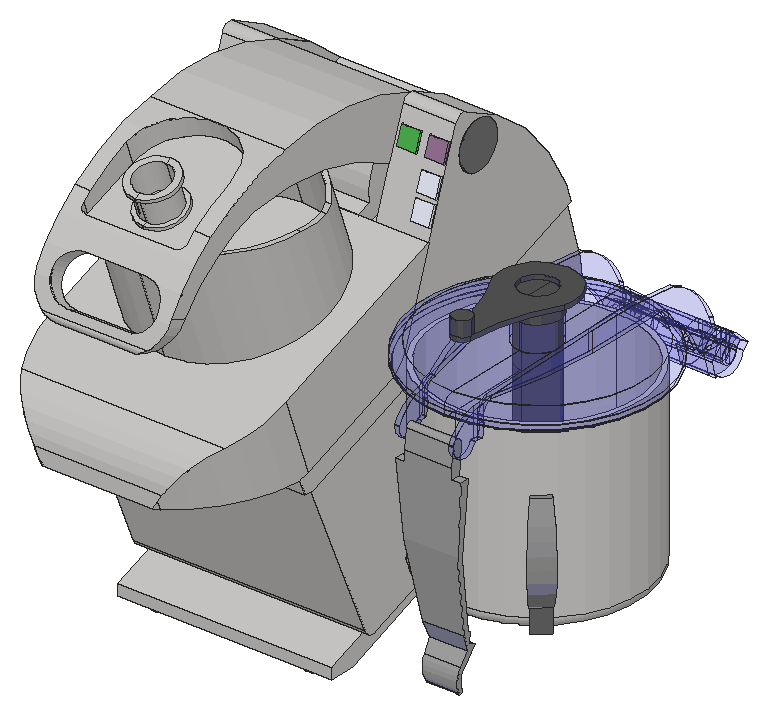
Revit family "QF_ELECTROLUXPROFESSIONAL_600481_TRK45Y", category Specialty Equipment, Revit 2018
Family settings
  Round Connector Dimension = Use Diameter
  Part Type = Normal
  Work Plane-Based = No
  Always vertical = Yes
  Cut with Voids When Loaded = No
  Shared = No
  Room Calculation Point = No
Parameters (values of type "QF_ELECTROLUX_600481_TRK45Y")
  Weight = 27.40 kg
  Watts = 0 W
  Volts = 200 V
  URL Manufacturer = "http://professional.electrolux.com"
  URL = "http://professional.electrolux.com"
  Steam Supply Size = 0 mm
  Steam Supply Minimum Pressure = 0.0 Pa
  Steam Supply Maximum Pressure = 0.0 Pa
  Steam Pounds per Hour = 0
  Refrigeration Suction Line Size = 0 mm
  Refrigeration Liquid Line Size = 0 mm
  Refrigerant Compressor Remote = yes
  Manufacturer = "Electrolux"
  Phase = 1
  Model = "TRK45Y"
  Length Actual = 252 mm  # constant formula
  Item Number = "600481"
  Hot Water Size = 0 mm
  Height Actual = 505 mm  # constant formula
  HP = "1.3 HP"
  Gas Size = 0 mm
  Gas KW = 0
  Gas Input Pressure = 0 W
  Direct Waste Size = 0 mm
  Description = "CUTTER/SLICER 4.5L VARIAB.SPEED-1000W-200-240/1/50-60"
  Depth Actual = 485 mm  # constant formula
  Cycle = 60 Hz
  Condensate Return Size = 0 mm
  Compressed Air Volume = 0.0 L/s
  Compressed Air Size = 0 mm
  Compressed Air Pressure = 0.0 Pa
  Cold Water Size = 0 mm
  Accessory = yes
Reference planes
  plane 1 "Center (Front/Back)": y = 0
  plane 2: z = 0
  plane 3 "Center (Left/Right)": x = 0
  plane 4 "BASE": through (-1506.947, -1354.442, -482.669) normal (0, -0.342, 0.9397)
  plane 5 "TOP": z = 725
  plane 6 "FRONT": y = -250
  plane 7 "BACK": y = 250
  plane 8 "LEFT": x = -126
  plane 9 "RIGHT": x = 126
  plane 10 "BaseSup": through (4267.2, -355.454, 143.983) normal (0, -0.342, 0.9397)
  plane 11 "TopCylinder": z = 505
  plane 12 "panel": through (4267.2, 37.396, 376.789) normal (0, -0.9397, 0.342)
  plane 13 "TAN1": through (4267.2, -242.8, 386.84) normal (0, -0.868, 0.4965)
  plane 14 "cx": x = -4.392
  plane 15: z = 490
  plane 16: z = 685
  plane 17 "EI_1": z = 320
  plane 18: z = 224
  plane 19 "SupportOblique": through (4267.2, 163.975, 96.815) normal (0, 0.809, 0.5878)
  plane 20 "CX2": x = 350
Forms (mm)
  Extrusion 1, solid, material "QF_Finishes_Stainless Steel"
    sketch origin (0, 71.755, 29.173) x (0, 0.939693, 0.34202) y (0, -0.34202, 0.939693)
      loop
        line (196.964, 40) -> (-146.726, 40) -> (-150.519, 29.578) -> (-124.204, 20) -> (196.964, 20) -> (196.964, 40)
    from -114.1 to 114.1
  Extrusion 2, solid, material "QF_Finishes_Stainless Steel"
    sketch origin (0, 71.755, 29.173) x (0, 0.939693, 0.34202) y (0, -0.34202, 0.939693)
      loop
        arc (-117.754, 231.836) -> (-115.679, 141.222) -> (-107.501, 50.953) r 1344.145
        arc (-107.501, 50.953) -> (-103.371, 43.13) -> (-95.098, 40) r 12.5
        line (-95.098, 40) -> (191.415, 40)
        arc (191.415, 40) -> (200.799, 44.052) -> (207.001, 52.177) r 20.212
        arc (207.001, 52.177) -> (236.663, 139.796) -> (245.906, 231.836) r 409.593
        line (245.906, 231.836) -> (-117.754, 231.836)
    from -123.6 to 123.2
  Extrusion 3, solid, material "QF_Finishes_Stainless Steel"
    sketch origin (0, 71.755, 29.173) x (0, 0.939693, 0.34202) y (0, -0.34202, 0.939693)
      loop
        line (-117.754, 231.836) -> (250, 231.836) -> (250, 254)
        arc (250, 254) -> (225.127, 344.7) -> (167.861, 419.303) r 244.524
        arc (167.861, 419.303) -> (160.498, 421.774) -> (153.587, 418.23) r 10
        line (153.587, 418.23) -> (25.432, 265.5)
        arc (25.432, 265.5) -> (14.376, 257.016) -> (0.77, 254) r 32.194
        line (0.77, 254) -> (-128.224, 254) -> (-128.224, 236.946) -> (-117.754, 231.836)
    from -125 to 125
  Extrusion 4, void
    sketch origin (0, 71.755, 29.173) x (0, 0.939693, 0.34202) y (0, -0.34202, 0.939693)
      loop
        line (146.605, 338.403) -> (228.145, 338.403)
        arc (228.145, 338.403) -> (202.221, 381.996) -> (167.861, 419.303) r 244.524
        arc (167.861, 419.303) -> (160.498, 421.774) -> (153.587, 418.23) r 10
        line (153.587, 418.23) -> (72.34, 321.403) -> (146.605, 321.403) -> (146.605, 338.403)
    from -76.755 to 68.071
  Extrusion 5, solid, material "QF_Finishes_Stainless Steel"
    sketch origin (0, 71.755, 29.173) x (0, 0.939693, 0.34202) y (0, -0.34202, 0.939693)
      loop
        line (86.605, 338.403) -> (69.605, 321.403) -> (146.605, 321.403) -> (146.605, 338.403) -> (138.179, 338.403) -> (138.179, 369.367)
        arc (138.179, 369.367) -> (147.784, 373.474) -> (158.149, 372.174) r 19.987
        arc (158.149, 372.174) -> (156.791, 382.001) -> (162.888, 389.826) r 12.748
        arc (162.888, 389.826) -> (123.302, 374.774) -> (101.605, 338.403) r 64.447
        line (101.605, 338.403) -> (86.605, 338.403)
    from -65 to 50
  Extrusion 6, solid, material "QF_Finishes_Stainless Steel"
    sketch origin (539, 71.755, 29.173) x (0, -0.939693, -0.34202) y (0, -0.34202, 0.939693)
      loop
        circle (-169.102, 378.696) r 12.748
    from 489 to 604
  Extrusion 7, solid, material "QF_Finishes_Rubber Black"
    sketch origin (0, 71.755, 29.173) x (0, 0.939693, 0.34202) y (0, -0.34202, 0.939693)
      loop
        circle (169.102, 378.696) r 25
    from 125 to 126.6
  Extrusion 8, solid, material "QF_Finishes_Green"
    sketch origin (-10, -113.728, -38.42) x (0, -0.34202, -0.939693) y (1, 0, 0)
      loop
        line (-529.862, 82.865) -> (-509.862, 82.865) -> (-509.862, 102.865) -> (-529.862, 102.865) -> (-529.862, 82.865)
    from 0 to 1.6
  Extrusion 9, solid, material "QF_Finishes_Red"
    sketch origin (20, -113.728, -38.42) x (0, -0.34202, -0.939693) y (1, 0, 0)
      loop
        line (-529.862, 82.865) -> (-509.862, 82.865) -> (-509.862, 102.865) -> (-529.862, 102.865) -> (-529.862, 82.865)
    from 0 to 1.6
  Extrusion 10, solid, material "QF_Finishes_White"
    sketch origin (19.976, -149.421, -75.636) x (0, -0.34202, -0.939693) y (1, 0, 0)
      loop
        line (-521.192, 82.865) -> (-501.192, 82.865) -> (-501.192, 102.865) -> (-521.192, 102.865) -> (-521.192, 82.865)
    from 0 to 1.6
  Extrusion 11, solid, material "QF_Finishes_Rubber Black"
    sketch origin (-20, -293.925, 99.376) x (0, -1, 0) y (1, 0, 0)
      loop
        circle (-230.144, 103.748) r 10
      loop
        circle (-230.144, -61.252) r 10
    from 9.274 to 3.787
  Extrusion 12, void
    sketch origin (-20.94, 306.731, 139.428) x (-1, 0, 0) y (0, -0.34202, 0.939693)
      loop
        circle (-20.94, 196.093) r 10
    from -1.916 to -26.433
  Extrusion 13, solid, material "QF_Finishes_Stainless Steel"
    sketch origin (-20.94, 306.678, 139.573) x (-1, 0, 0) y (0, -0.34202, 0.939693)
      loop
        circle (-20.94, 195.939) r 9.999
    from -8.514 to -26.433
  Extrusion 14, solid, material "QF_Finishes_Stainless Steel"
    sketch origin (0, -15.119, 267.855) x (0, -0.939693, -0.34202) y (1, 0, 0)
      loop
        line (-86.605, -125) -> (117.754, -125)
        arc (117.754, -125) -> (182.577, -108.838) -> (232.224, -64.135) r 138.076
        arc (232.224, -64.135) -> (246.337, -33.516) -> (250, 0) r 104.824
        arc (250, 0) -> (246.337, 33.516) -> (232.224, 64.135) r 104.824
        arc (232.224, 64.135) -> (182.577, 108.838) -> (117.754, 125) r 138.076
        line (117.754, 125) -> (-86.605, 125) -> (-86.605, -125)
    from 0 to 84.403
  Extrusion 15, void
    sketch origin (0, 71.755, 29.173) x (0, 0.939693, 0.34202) y (0, -0.34202, 0.939693)
      loop
        line (-183.149, 338.403) -> (-263.395, 338.403) -> (-263.395, 254) -> (-128.224, 254) -> (-235.716, 293.124) -> (-229.509, 307.133)
        arc (-229.509, 307.133) -> (-211.109, 329.855) -> (-183.149, 338.403) r 50
      loop
        line (86.605, 338.403) -> (25.432, 265.5)
        arc (25.432, 265.5) -> (14.376, 257.016) -> (0.77, 254) r 32.194
        line (0.77, 254) -> (86.605, 254) -> (86.605, 338.403)
    from -156.555 to 144.79
  Extrusion 16, solid, material "QF_Finishes_Rubber Black"
    sketch origin (-20, -255.757, 37.007) x (0, -0.939693, -0.34202) y (1, 0, 0)
      loop
        circle (-230.144, 103.748) r 10
      loop
        circle (-230.144, -61.252) r 10
    from -1.968 to 3.787
  Extrusion 17, solid, material "QF_Finishes_Stainless Steel"
    sketch origin (0, 0, 0) x (0, 1, 0) y (0, 0, 1)
      loop
        arc (-237.987, 360.286) -> (-193.334, 422.101) -> (-125.907, 457.716) r 167.502
        arc (-125.907, 457.716) -> (-32.614, 457.202) -> (54.785, 424.565) r 266.494
        line (54.785, 424.565) -> (73.036, 474.711)
        arc (73.036, 474.711) -> (77.269, 479.853) -> (83.792, 481.198) r 10
        arc (83.792, 481.198) -> (1.801, 503.572) -> (-83.051, 498.734) r 263.981
        arc (-83.051, 498.734) -> (-135.605, 484.534) -> (-183.511, 458.675) r 236.13
        arc (-183.511, 458.675) -> (-222.818, 420.732) -> (-248.457, 372.49) r 174.407
        arc (-248.457, 372.49) -> (-249.83, 368.135) -> (-247.05, 364.513) r 4.945
        line (-247.05, 364.513) -> (-237.987, 360.286)
    from -76.755 to 68.071
  Extrusion 18, void
    sketch origin (0, -252.846, 369.279) x (0, -0.496521, -0.868025) y (1, 0, 0)
      loop
        line (-13.723, -36.755) -> (-13.723, 28.071)
        arc (-13.723, 28.071) -> (-38.723, 53.071) -> (-63.723, 28.071) r 25
        line (-63.723, 28.071) -> (-63.723, -36.755)
        arc (-63.723, -36.755) -> (-38.723, -61.755) -> (-13.723, -36.755) r 25
    from -148.493 to 7.125
  Extrusion 19, void
    sketch origin (0, -88.076, 32.057) x (0, -0.34202, -0.939693) y (1, 0, 0)
      loop
        line (-257.162, 68.071) -> (-297.162, 68.071)
        arc (-297.162, 68.071) -> (-268.878, 56.356) -> (-257.162, 28.071) r 40
        line (-257.162, 28.071) -> (-257.162, 68.071)
      loop
        line (-257.162, -76.755) -> (-257.162, -36.755)
        arc (-257.162, -36.755) -> (-268.878, -65.039) -> (-297.162, -76.755) r 40
        line (-297.162, -76.755) -> (-257.162, -76.755)
    from 233.374 to 280.473
  Extrusion 20, void
    sketch origin (0, -73.76, 246.511) x (0, -0.939693, -0.34202) y (1, 0, 0)
      loop
        spline (50.415, 43.499) -> (50.302, 44.538) -> (50.07, 45.551) -> (49.722, 46.523) -> (49.265, 47.436) -> (48.705, 48.278) -> (48.053, 49.034) -> (47.317, 49.692) -> (46.511, 50.241) -> (45.647, 50.674) -> (44.738, 50.981) -> (43.801, 51.16) -> (42.848, 51.221)
        line (42.848, 51.221) -> (-21.826, 51.221)
        arc (-21.826, 51.221) -> (-77.476, -4.429) -> (-21.826, -60.078) r 55.65
        line (-21.826, -60.078) -> (42.849, -60.064)
        spline (42.849, -60.064) -> (43.796, -60.017) -> (44.73, -59.836) -> (45.637, -59.525) -> (46.5, -59.088) -> (47.306, -58.532) -> (48.042, -57.867) -> (48.695, -57.103) -> (49.256, -56.253) -> (49.715, -55.331) -> (50.065, -54.351) -> (50.3, -53.329) -> (50.415, -52.283)
        line (50.415, -52.283) -> (50.415, 43.499)
    from 219.928 to 259.975
  Extrusion 21, void
    sketch origin (0, -87.856, 241.381) x (0, -0.939693, -0.34202) y (1, 0, 0)
      loop
        circle (-4.976, -4.429) r 22.5
    from 184.171 to 259.975
  Extrusion 22, solid, material "QF_Finishes_Stainless Steel"
    sketch origin (0, -57.13, 252.564) x (0, -0.939693, -0.34202) y (1, 0, 0)
      loop
        circle (-27.476, -4.429) r 100
      loop
        circle (-27.476, -4.429) r 95
    from 84.403 to 219.928
  Extrusion 23, void
    sketch origin (539, 0, 0) x (0, -1, 0) y (0, 0, 1)
      loop
        line (-7.229, 448.453) -> (38.883, 431.669) -> (53.883, 431.669) -> (97.232, 435.738) -> (172.232, 435.738) -> (200.5, 434.424) -> (12.562, 502.828) -> (-7.229, 448.453)
    from 424.9 to 664
  Revolve 24, solid, material "QF_Finishes_Stainless Steel"
    sketch origin (-4.392, 0, 0) x (0, 1, 0) y (0, 0, 1)
      loop
        line (-159.523, 452.833) -> (-177.266, 446.376) -> (-188.766, 477.973) -> (-195.199, 475.631) -> (-193.959, 472.225) -> (-189.261, 473.935) -> (-179, 445.744) -> (-183.698, 444.034) -> (-182.575, 440.948) -> (-179.543, 442.052) -> (-133.191, 314.7) -> (-112.048, 322.396) -> (-159.523, 452.833)
      axis (-112.048, 322.396) -> (-171.023, 484.431)
    angle from 0 to 360
  Extrusion 25, solid, material "QF_Door-Drawer Clearances", detail levels coarse
    sketch origin (0, -262.072, 735.095) x (0, -0.581279, -0.813704) y (0, 0.813704, -0.581279)
      loop
        arc (-237.987, 360.286) -> (-193.334, 422.101) -> (-125.907, 457.716) r 167.502
        arc (-125.907, 457.716) -> (-61.925, 460.915) -> (0.971, 448.753) r 266.494
        arc (0.971, 448.753) -> (-2.208, 475.472) -> (-2.432, 502.379) r 244.524
        arc (-2.432, 502.379) -> (-31.549, 503.211) -> (-60.594, 500.999) r 278.64
        arc (-60.594, 500.999) -> (-125.023, 488.463) -> (-183.511, 458.675) r 236.13
        arc (-183.511, 458.675) -> (-222.818, 420.732) -> (-248.457, 372.49) r 174.407
        arc (-248.457, 372.49) -> (-249.83, 368.135) -> (-247.05, 364.513) r 4.945
        line (-247.05, 364.513) -> (-237.987, 360.286)
    from -76.755 to 68.071
  Extrusion 26, solid, material "QF_Door-Drawer Clearances", detail levels coarse
    sketch origin (-4.392, 0, -55) x (0, 1, 0) y (0, 0, 1)
      loop
        arc (180.062, 780.324) -> (-149.234, 694.151) -> (-249.905, 368.994) r 350.321
        line (-249.905, 368.994) -> (-246.546, 377.767)
        arc (-246.546, 377.767) -> (-144.345, 691.9) -> (174.993, 776.44) r 345.321
        line (174.993, 776.44) -> (180.062, 780.324)
    from -60 to 60
  Extrusion 27, solid, material "QF_Finishes_Rubber Black"
    sketch origin (-20, -20.834, 122.512) x (0, -0.939693, -0.34202) y (1, 0, 0)
      loop
        circle (-230.144, 103.748) r 10
      loop
        circle (-230.144, -61.252) r 10
    from -1.968 to 3.787
  Extrusion 28, void
    sketch origin (-4.392, 0, 0) x (0, 1, 0) y (0, 0, 1)
      loop
        circle (163.975, 96.815) r 5.399
    from -121.608 to 130.392
  Sweep 29, solid, material "QF_Finishes_Stainless Steel"
    path origin (0, 153.361, 111.423) x (0, -0.587785, 0.809017) y (1, 0, 0)
      loop
        line (-133.401, 56) -> (-133.401, 112.5)
        arc (-133.401, 112.5) -> (-130.472, 119.571) -> (-123.401, 122.5) r 10
        line (-123.401, 122.5) -> (-28.058, 122.5)
        arc (-28.058, 122.5) -> (-20.987, 119.571) -> (-18.058, 112.5) r 10
        line (-18.058, 112.5) -> (-18.058, -112.5)
        arc (-18.058, -112.5) -> (-20.987, -119.571) -> (-28.058, -122.5) r 10
        line (-28.058, -122.5) -> (-123.401, -122.5)
        arc (-123.401, -122.5) -> (-130.472, -119.571) -> (-133.401, -112.5) r 10
        line (-133.401, -112.5) -> (-133.401, -56)
    profile origin (84.25, 231.772, 3.5) x (0, 0.587785, -0.809017) y (0, 0.809017, 0.587785)
      loop
        circle (0, 0) r 3.5
  Extrusion 30, void
    sketch origin (-4.392, 0, 0) x (0, 1, 0) y (0, 0, 1)
      loop
        line (50.281, 42.641) -> (71.708, 50.44) -> (64.376, 57.771) -> (50.281, 52.641) -> (50.281, 42.641)
    from -119.208 to -51.608
  Extrusion 31, void
    sketch origin (4.392, 0, 0) x (0, 1, 0) y (0, 0, -1)
      loop
        line (50.281, -42.641) -> (50.281, -52.641) -> (64.376, -57.771) -> (71.708, -50.44) -> (50.281, -42.641)
    from -119.208 to -51.608
  Extrusion 32, solid, material "QF_Door-Drawer Clearances", detail levels coarse
    sketch origin (350, -160.4, -17.118) x (0, -0.34202, -0.939693) y (0, -0.939693, 0.34202)
      loop
        line (-206.754, 118.191) -> (-331.133, -223.538)
        arc (-331.133, -223.538) -> (-241.482, -246.331) -> (-149.003, -248.426) r 409.593
        arc (-149.003, -248.426) -> (-139.246, -245.378) -> (-132.229, -237.945) r 20.212
        line (-132.229, -237.945) -> (-34.236, 31.289)
        arc (-34.236, 31.289) -> (-34.347, 40.134) -> (-40.286, 46.691) r 12.5
        arc (-40.286, 46.691) -> (-122.314, 85.249) -> (-206.754, 118.191) r 1344.145
    from -123.6 to 123.2
  Extrusion 33, solid, material "QF_Door-Drawer Clearances", detail levels coarse
    sketch origin (350, -160.4, -17.118) x (0, -0.34202, -0.939693) y (0, -0.939693, 0.34202)
      loop
        line (-134.127, -243.16) -> (-115.333, -250) -> (-5.487, 51.799) -> (-5.487, 79.803) -> (-16.578, 79.803) -> (-134.127, -243.16)
    from -114.1 to 114.1
  Extrusion 34, solid, material "QF_Door-Drawer Clearances", detail levels coarse
    sketch origin (330, -388.076, 105.131) x (0, -1, 0) y (1, 0, 0)
      loop
        circle (-230.144, 103.748) r 10
      loop
        circle (-230.144, -61.252) r 10
    from -1.968 to 3.787
  Extrusion 35, solid, material "QF_Door-Drawer Clearances", detail levels coarse
    sketch origin (330, -138.076, 105.131) x (0, -1, 0) y (1, 0, 0)
      loop
        circle (-230.144, 103.748) r 10
      loop
        circle (-230.144, -61.252) r 10
    from -1.968 to 3.787
  Extrusion 36, solid, material "QF_Door-Drawer Clearances", detail levels coarse
    sketch origin (0, 250, 0) x (-1, 0, 0) y (0, 0, 1)
      loop
        circle (-350, 200) r 10
    from -89.12 to -78.665
  Extrusion 37, solid, material "QF_Finishes_White"
    sketch origin (19.976, -140.87, -52.143) x (0, -0.34202, -0.939693) y (1, 0, 0)
      loop
        line (-521.192, 82.865) -> (-501.192, 82.865) -> (-501.192, 102.865) -> (-521.192, 102.865) -> (-521.192, 82.865)
    from 0 to 1.6
Cuts and joins
  Extrusion 4, Extrusion 19, Extrusion 20, Extrusion 21 cuts Extrusion 3
  Extrusion 15, Extrusion 19, Extrusion 20, Extrusion 21 cuts Extrusion 14
  Extrusion 18, Extrusion 19, Extrusion 20, Extrusion 21 cuts Extrusion 17
  Extrusion 12, Extrusion 20, Extrusion 21 cuts Extrusion 2
  Extrusion 23 cuts Extrusion 22
  Extrusion 28, Extrusion 30, Extrusion 31 cuts Extrusion 1
Lines and regions (mm)
  symbolic lines
    curve 1: line (-76.755, 170.4, 0) -> (-76.755, -235.217, 0)
    curve 2: line (68.071, -235.135, 0) -> (68.071, 170.4, 0)
    curve 3: line (-76.755, 83.792, 0) -> (68.071, 83.792, 0)
    curve 4: line (-76.755, 170.4, 0) -> (68.071, 170.4, 0)
    curve 5: line (68.071, -83.051, 0) -> (-76.755, -83.051, 0)
    curve 6: line (-60.078, -136.967, 0) -> (51.221, -136.967, 0)
    curve 7: line (-60.078, -128.47, 0) -> (-60.078, -194.06, 0)
    curve 8: line (51.221, -193.76, 0) -> (51.221, -128.47, 0)
    curve 9: spline (-52.282, -199.891, 0) -> (-53.276, -199.815, 0) -> (-54.25, -199.647, 0) -> (-55.19, -199.39, 0) -> (-56.081, -199.046, 0) -> (-56.909, -198.622, 0) -> (-57.663, -198.124, 0) -> (-58.331, -197.559, 0) -> (-58.902, -196.936, 0) -> (-59.369, -196.264, 0) -> (-59.724, -195.553, 0) -> (-59.961, -194.815, 0) -> (-60.078, -194.06, 0)
    curve 10: line (43.499, -199.901, 0) -> (-52.283, -199.901, 0)
    curve 11: spline (51.218, -193.76, 0) -> (51.156, -194.554, 0) -> (50.964, -195.333, 0) -> (50.645, -196.085, 0) -> (50.204, -196.798, 0) -> (49.648, -197.459, 0) -> (48.986, -198.058, 0) -> (48.229, -198.586, 0) -> (47.39, -199.033, 0) -> (46.483, -199.392, 0) -> (45.521, -199.658, 0) -> (44.521, -199.826, 0) -> (43.499, -199.893, 0)
    curve 12: spline (-4.392, -146.848, 0) -> (-11.05, -147.672, 0) -> (-17.255, -150.087, 0) -> (-22.583, -153.929, 0) -> (-26.672, -158.936, 0) -> (-29.242, -164.766, 0) -> (-30.119, -171.023, 0) -> (-29.242, -177.28, 0) -> (-26.672, -183.111, 0) -> (-22.583, -188.118, 0) -> (-17.255, -191.96, 0) -> (-11.05, -194.375, 0) -> (-4.392, -195.199, 0)
    curve 13: spline (-4.392, -195.199, 0) -> (2.267, -194.375, 0) -> (8.472, -191.96, 0) -> (13.8, -188.118, 0) -> (17.888, -183.111, 0) -> (20.459, -177.28, 0) -> (21.335, -171.023, 0) -> (20.459, -164.766, 0) -> (17.888, -158.936, 0) -> (13.8, -153.929, 0) -> (8.472, -150.087, 0) -> (2.267, -147.672, 0) -> (-4.392, -146.848, 0)
    curve 14: spline (-4.392, -188.766, 0) -> (-9.279, -188.162, 0) -> (-13.832, -186.389, 0) -> (-17.743, -183.569, 0) -> (-20.744, -179.895, 0) -> (-22.63, -175.616, 0) -> (-23.273, -171.023, 0) -> (-22.63, -166.431, 0) -> (-20.744, -162.152, 0) -> (-17.743, -158.477, 0) -> (-13.832, -155.658, 0) -> (-9.279, -153.885, 0) -> (-4.392, -153.281, 0)
    curve 15: spline (-4.392, -153.281, 0) -> (0.495, -153.885, 0) -> (5.049, -155.658, 0) -> (8.96, -158.477, 0) -> (11.96, -162.152, 0) -> (13.846, -166.431, 0) -> (14.49, -171.023, 0) -> (13.846, -175.616, 0) -> (11.96, -179.895, 0) -> (8.96, -183.569, 0) -> (5.049, -186.389, 0) -> (0.495, -188.162, 0) -> (-4.392, -188.766, 0)
    curve 16: spline (-22.254, -165.273, 0) -> (-20.617, -168.597, 0) -> (-18.289, -171.534, 0) -> (-15.368, -173.96, 0) -> (-11.98, -175.77, 0) -> (-8.268, -176.888, 0) -> (-4.392, -177.266, 0) -> (-0.515, -176.888, 0) -> (3.197, -175.77, 0) -> (6.585, -173.96, 0) -> (9.505, -171.534, 0) -> (11.834, -168.597, 0) -> (13.471, -165.273, 0)
    curve 17: spline (21.106, -162.743, 0) -> (21.02, -155.749, 0) -> (18.807, -149.071, 0) -> (14.651, -143.268, 0) -> (8.902, -138.825, 0) -> (2.04, -136.115, 0) -> (-5.361, -135.365, 0) -> (-12.68, -136.637, 0) -> (-19.306, -139.824, 0) -> (-24.683, -144.661, 0) -> (-28.361, -150.742, 0) -> (-30.034, -157.558, 0) -> (-29.559, -164.538, 0)
    curve 18: spline (15.591, -154.349, 0) -> (13.851, -150.277, 0) -> (11.185, -146.674, 0) -> (7.729, -143.723, 0) -> (3.657, -141.574, 0) -> (-0.824, -140.337, 0) -> (-5.485, -140.073, 0) -> (-10.091, -140.797, 0) -> (-14.408, -142.471, 0) -> (-18.216, -145.011, 0) -> (-21.322, -148.287, 0) -> (-23.569, -152.134, 0) -> (-24.843, -156.356, 0)
    curve 19: line (-36.755, -245.358, 0) -> (-36.755, -220.255, 0)
    curve 20: line (28.071, -220.255, 0) -> (28.071, -245.358, 0)
    curve 21: line (-36.755, -220.255, 0) -> (28.071, -220.255, 0)
    curve 22: line (-36.755, -231.961, 0) -> (28.071, -231.961, 0)
    curve 23: line (28.071, -245.358, 0) -> (-36.755, -245.358, 0)
    curve 24: arc (-36.755, -231.961, 0) -> (-47.346, -230.66, 0) -> (-57.309, -226.836, 0) r 43.78
    curve 25: arc (28.071, -231.961, 0) -> (38.611, -230.648, 0) -> (48.525, -226.836, 0) r 43.78
    curve 26: line (108.532, -216.09, 0) -> (68.016, -248.959, 0)
    curve 27: spline (108.532, -216.09, 0) -> (111.117, -211.341, 0) -> (113.492, -206.496, 0) -> (115.654, -201.564, 0) -> (117.598, -196.552, 0) -> (119.32, -191.469, 0) -> (120.82, -186.324, 0) -> (122.092, -181.125, 0) -> (123.137, -175.882, 0) -> (123.951, -170.603, 0) -> (124.533, -165.296, 0) -> (124.883, -159.972, 0) -> (125, -154.639, 0)
    curve 28: line (125, -154.639, 0) -> (125, 227.385, 0)
    curve 29: spline (63.971, -249.433, 0) -> (63.542, -249.481, 0) -> (63.11, -249.529, 0) -> (62.674, -249.577, 0) -> (62.235, -249.624, 0) -> (61.792, -249.672, 0) -> (61.346, -249.719, 0) -> (60.896, -249.766, 0) -> (60.442, -249.813, 0) -> (59.985, -249.86, 0) -> (59.525, -249.907, 0) -> (59.06, -249.954, 0) -> (58.593, -250, 0)
    curve 30: spline (68.016, -248.959, 0) -> (67.688, -248.999, 0) -> (67.358, -249.038, 0) -> (67.026, -249.078, 0) -> (66.693, -249.118, 0) -> (66.359, -249.157, 0) -> (66.022, -249.197, 0) -> (65.684, -249.236, 0) -> (65.345, -249.276, 0) -> (65.004, -249.315, 0) -> (64.661, -249.354, 0) -> (64.317, -249.394, 0) -> (63.971, -249.433, 0)
    curve 31: line (-68.016, -248.959, 0) -> (68.016, -248.959, 0)
    curve 32: line (-68.016, -248.959, 0) -> (-108.532, -216.09, 0)
    curve 33: spline (-63.971, -249.433, 0) -> (-64.317, -249.394, 0) -> (-64.661, -249.354, 0) -> (-65.004, -249.315, 0) -> (-65.345, -249.276, 0) -> (-65.684, -249.236, 0) -> (-66.022, -249.197, 0) -> (-66.359, -249.157, 0) -> (-66.693, -249.118, 0) -> (-67.026, -249.078, 0) -> (-67.358, -249.038, 0) -> (-67.688, -248.999, 0) -> (-68.016, -248.959, 0)
    curve 34: spline (-58.593, -250, 0) -> (-59.06, -249.954, 0) -> (-59.525, -249.907, 0) -> (-59.985, -249.86, 0) -> (-60.442, -249.813, 0) -> (-60.896, -249.766, 0) -> (-61.346, -249.719, 0) -> (-61.792, -249.672, 0) -> (-62.235, -249.624, 0) -> (-62.674, -249.577, 0) -> (-63.11, -249.529, 0) -> (-63.542, -249.481, 0) -> (-63.971, -249.433, 0)
    curve 35: line (-76.755, -235.217, 0) -> (-60.604, -248.457, 0)
    curve 36: spline (-125, -154.639, 0) -> (-124.883, -159.972, 0) -> (-124.533, -165.296, 0) -> (-123.951, -170.603, 0) -> (-123.137, -175.882, 0) -> (-122.092, -181.125, 0) -> (-120.82, -186.324, 0) -> (-119.32, -191.469, 0) -> (-117.598, -196.552, 0) -> (-115.654, -201.564, 0) -> (-113.492, -206.496, 0) -> (-111.117, -211.341, 0) -> (-108.532, -216.09, 0)
    curve 37: line (-125, 227.385, 0) -> (-125, -154.639, 0)
    curve 38: arc (-76.755, -160.023, 0) -> (-93.256, -130.498, 0) -> (-99.37, -97.232, 0) r 103.622
    curve 39: arc (-76.755, -168.026, 0) -> (-96.901, -135.101, 0) -> (-104.377, -97.232, 0) r 109.55
    curve 40: spline (-99.395, -97.232, 0) -> (-99.428, -93.546, 0) -> (-99.341, -89.86, 0) -> (-99.135, -86.178, 0) -> (-98.81, -82.506, 0) -> (-98.367, -78.845, 0) -> (-97.806, -75.201, 0) -> (-97.127, -71.576, 0) -> (-96.331, -67.976, 0) -> (-95.419, -64.402, 0) -> (-94.392, -60.86, 0) -> (-93.251, -57.352, 0) -> (-91.998, -53.883, 0)
    curve 41: arc (-91.998, -53.883, 0) -> (-88.614, -46.234, 0) -> (-84.624, -38.883, 0) r 103.541
    curve 42: spline (-84.624, -38.883, 0) -> (-84.026, -38.009, 0) -> (-83.417, -37.142, 0) -> (-82.798, -36.282, 0) -> (-82.167, -35.428, 0) -> (-81.527, -34.582, 0) -> (-80.876, -33.742, 0) -> (-80.214, -32.91, 0) -> (-79.543, -32.085, 0) -> (-78.861, -31.267, 0) -> (-78.169, -30.457, 0) -> (-77.467, -29.655, 0) -> (-76.755, -28.86, 0)
    curve 43: spline (-90.488, -38.883, 0) -> (-89.506, -37.356, 0) -> (-88.492, -35.846, 0) -> (-87.448, -34.355, 0) -> (-86.375, -32.883, 0) -> (-85.271, -31.43, 0) -> (-84.139, -29.997, 0) -> (-82.978, -28.585, 0) -> (-81.788, -27.193, 0) -> (-80.571, -25.823, 0) -> (-79.326, -24.476, 0) -> (-78.054, -23.15, 0) -> (-76.755, -21.847, 0)
    curve 44: arc (-97.398, -53.883, 0) -> (-94.227, -46.252, 0) -> (-90.488, -38.883, 0) r 109.406
    curve 45: spline (-104.397, -97.232, 0) -> (-104.428, -93.553, 0) -> (-104.346, -89.875, 0) -> (-104.151, -86.201, 0) -> (-103.844, -82.535, 0) -> (-103.425, -78.879, 0) -> (-102.894, -75.238, 0) -> (-102.252, -71.615, 0) -> (-101.499, -68.013, 0) -> (-100.637, -64.435, 0) -> (-99.665, -60.886, 0) -> (-98.585, -57.367, 0) -> (-97.398, -53.883, 0)
    curve 46: spline (-104.429, -60.179, 0) -> (-104.227, -54.213, 0) -> (-103.623, -48.272, 0) -> (-102.618, -42.379, 0) -> (-101.218, -36.558, 0) -> (-99.427, -30.832, 0) -> (-97.253, -25.224, 0) -> (-94.704, -19.758, 0) -> (-91.791, -14.454, 0) -> (-88.526, -9.335, 0) -> (-84.922, -4.421, 0) -> (-80.993, 0.268, 0) -> (-76.755, 4.714, 0)
    curve 47: line (-104.429, -60.179, 0) -> (-104.429, -91.125, 0)
    curve 48: line (-125, 37.396, 0) -> (-76.755, 37.396, 0)
    curve 49: line (-125, 227.385, 0) -> (125, 227.385, 0)
    curve 50: line (-125, 219.805, 0) -> (125, 219.805, 0)
    curve 51: line (-65, 113.885, 0) -> (50, 113.885, 0)
    curve 52: line (50, 113.885, 0) -> (50, 83.792, 0)
    curve 53: line (-65, 113.885, 0) -> (-65, 83.792, 0)
    curve 54: line (-65, 91.491, 0) -> (50, 91.491, 0)
    curve 55: line (50, 93.777, 0) -> (68.071, 93.777, 0)
    curve 56: line (-65, 93.777, 0) -> (-76.755, 93.777, 0)
    curve 57: line (72.865, 67.495, 0) -> (92.865, 67.495, 0)
    curve 58: line (72.865, 59.152, 0) -> (72.865, 67.495, 0)
    curve 59: line (92.865, 59.152, 0) -> (72.865, 59.152, 0)
    curve 60: line (92.865, 67.495, 0) -> (92.865, 59.152, 0)
    curve 61: line (102.865, 67.495, 0) -> (122.865, 67.495, 0)
    curve 62: line (102.865, 59.152, 0) -> (102.865, 67.495, 0)
    curve 63: line (122.865, 59.152, 0) -> (102.865, 59.152, 0)
    curve 64: line (122.865, 67.495, 0) -> (122.865, 59.152, 0)
    curve 65: line (102.841, 48.394, 0) -> (122.841, 48.394, 0)
    curve 66: line (102.841, 40.05, 0) -> (102.841, 48.394, 0)
    curve 67: line (122.841, 40.05, 0) -> (102.841, 40.05, 0)
    curve 68: line (122.841, 48.394, 0) -> (122.841, 40.05, 0)
    curve 69: line (92.865, 65.992, 0) -> (72.865, 65.992, 0)
    curve 70: line (122.865, 65.992, 0) -> (102.865, 65.992, 0)
    curve 71: line (122.841, 46.891, 0) -> (102.841, 46.891, 0)
    curve 72: line (-123.6, 250, 0) -> (123.2, 250, 0)
    curve 73: line (123.2, 227.385, 0) -> (123.2, 250, 0)
    curve 74: line (-123.6, 227.385, 0) -> (-123.6, 250, 0)
    curve 75: line (68.071, 37.396, 0) -> (125, 37.396, 0)
    curve 76: line (68.071, -235.135, 0) -> (51.82, -248.457, 0)
    curve 77: arc (68.071, -159.898, 0) -> (84.5, -130.423, 0) -> (90.587, -97.232, 0) r 103.622
    curve 78: arc (68.071, -167.913, 0) -> (88.145, -135.031, 0) -> (95.593, -97.232, 0) r 109.55
    curve 79: spline (90.612, -97.232, 0) -> (90.644, -93.546, 0) -> (90.558, -89.86, 0) -> (90.352, -86.178, 0) -> (90.027, -82.506, 0) -> (89.584, -78.845, 0) -> (89.022, -75.201, 0) -> (88.343, -71.576, 0) -> (87.547, -67.976, 0) -> (86.636, -64.402, 0) -> (85.609, -60.86, 0) -> (84.468, -57.352, 0) -> (83.214, -53.883, 0)
    curve 80: arc (83.214, -53.883, 0) -> (79.831, -46.234, 0) -> (75.841, -38.883, 0) r 103.541
    curve 81: spline (75.841, -38.883, 0) -> (75.25, -38.019, 0) -> (74.648, -37.162, 0) -> (74.036, -36.312, 0) -> (73.414, -35.468, 0) -> (72.781, -34.631, 0) -> (72.138, -33.801, 0) -> (71.485, -32.977, 0) -> (70.822, -32.161, 0) -> (70.149, -31.353, 0) -> (69.466, -30.551, 0) -> (68.774, -29.757, 0) -> (68.071, -28.97, 0)
    curve 82: spline (81.705, -38.883, 0) -> (80.729, -37.365, 0) -> (79.722, -35.865, 0) -> (78.685, -34.383, 0) -> (77.619, -32.92, 0) -> (76.523, -31.476, 0) -> (75.399, -30.051, 0) -> (74.246, -28.647, 0) -> (73.066, -27.263, 0) -> (71.857, -25.901, 0) -> (70.622, -24.56, 0) -> (69.36, -23.242, 0) -> (68.071, -21.946, 0)
    curve 83: arc (88.615, -53.883, 0) -> (85.443, -46.252, 0) -> (81.705, -38.883, 0) r 109.406
    curve 84: spline (95.614, -97.232, 0) -> (95.644, -93.553, 0) -> (95.562, -89.875, 0) -> (95.368, -86.201, 0) -> (95.061, -82.535, 0) -> (94.641, -78.879, 0) -> (94.111, -75.238, 0) -> (93.469, -71.615, 0) -> (92.716, -68.013, 0) -> (91.853, -64.435, 0) -> (90.882, -60.886, 0) -> (89.802, -57.367, 0) -> (88.615, -53.883, 0)
    curve 85: spline (95.645, -60.179, 0) -> (95.444, -54.225, 0) -> (94.842, -48.295, 0) -> (93.842, -42.413, 0) -> (92.446, -36.602, 0) -> (90.662, -30.886, 0) -> (88.496, -25.287, 0) -> (85.957, -19.829, 0) -> (83.055, -14.533, 0) -> (79.802, -9.421, 0) -> (76.21, -4.512, 0) -> (72.295, 0.173, 0) -> (68.071, 4.615, 0)
    curve 86: line (95.645, -60.179, 0) -> (95.645, -91.125, 0)
    curve 87: line (102.841, 56.945, 0) -> (122.841, 56.945, 0)
    curve 88: line (122.841, 55.441, 0) -> (102.841, 55.441, 0)
    curve 89: line (102.841, 56.945, 0) -> (102.841, 48.394, 0)
    curve 90: line (102.841, 48.601, 0) -> (122.841, 48.601, 0)
    curve 91: line (122.841, 48.601, 0) -> (122.841, 56.945, 0)
Dimensions and locks
  plane 5 "TOP" to level = 725 mm  (x2)
  plane 8 "LEFT" to plane 3 "Center (Left/Right)" to plane 9 "RIGHT" = 126 mm, 126 mm
  plane 7 "BACK" to plane 1 "Center (Front/Back)" to plane 6 "FRONT" = 250 mm, 250 mm
  plane 5 "TOP" to plane 2 = 725 mm
  plane 5 "TOP" to plane 11 "TopCylinder" = 220 mm
  plane 6 "FRONT" to plane 7 "BACK" = 500 mm
  plane 7 "BACK" to plane 6 "FRONT" = 500 mm
  plane 11 "TopCylinder" to level = 505 mm  (x2)
  plane 15 to level = 490 mm  (x2)
  plane 16 to level = 685 mm
  plane 17 "EI_1" to level = 320 mm
  plane 18 to level = 224 mm
  plane 16 to plane 2 = 685 mm
  plane 9 "RIGHT" to plane 8 "LEFT" = 252 mm
  aligned and locked: level to plane 2
Nested families
  nested 1: "600428_BOWL" at (360, -39.665, -20.592), type "600428_BOWL"
Connectors
  electrical at (0, 231.662, 320.783), driven by "Volts"
    settings: on Extrusion 13, index 1, voltage 200 V, apparent load 0 VA, apparent load phase1 0 VA, apparent load phase2 0 VA, apparent load phase3 0 VA, power factor 1, load classification "Other", number of poles 1, system type 30, power factor state 1, is connector primary yes, connector utility no, sub classification motor no, connector description "Electrical Connection"
Definition of nested family "600428_BOWL"
  Reference planes
    plane 1 "Center (Front/Back)": y = 0
    plane 2: z = 0
    plane 3 "Center (Left/Right)": x = 0
    plane 4 "TOP": z = 705.4
    plane 5 "FRONT": y = -211
    plane 6 "BACK": y = 211
    plane 7 "LEFT": x = -128
    plane 8 "RIGHT": x = 128
    plane 9 "CenterX": x = -10
    plane 10 "Maniglia": through (-10, -59.177, 4000) normal (0.766, 0.6428, 0)
    plane 11 "Panel": through (4267.2, 107.252, 388.448) normal (0, 0.766, -0.6428)
    plane 12: z = 510
  Forms (mm)
    Revolve 1, solid
      sketch origin (-10, 0, 0) x (0, -1, 0) y (0, 0, 1)
        loop
          line (59.177, 490.527) -> (28.516, 490.527) -> (35.424, 483.619) -> (35.424, 470.527) -> (38.194, 470.527) -> (38.194, 356.104) -> (59.177, 356.104) -> (59.177, 490.527)
        axis (59.177, 356.104) -> (59.177, 490.527)
      angle from 0 to 360
    Extrusion 2, solid
      sketch origin (0, 0, 0) x (1, 0, 0) y (0, 1, 0)
        loop
          arc (-48.167, -71.147) -> (-28.951, -114.517) -> (-19.956, -161.093) r 210.055
          arc (-19.956, -161.093) -> (-10, -170.155) -> (-0.044, -161.093) r 10
          arc (-0.044, -161.093) -> (8.951, -114.517) -> (28.167, -71.147) r 210.055
          arc (28.167, -71.147) -> (-10, -19.177) -> (-48.167, -71.147) r 40
      from 490.527 to 495.013
    Extrusion 3, solid
      sketch origin (0, 0, 0) x (1, 0, 0) y (0, 1, 0)
        loop
          circle (-10, -160.155) r 10
      from 495.013 to 510.592
    Extrusion 4, void
      sketch origin (0, 0, 0) x (1, 0, 0) y (0, 1, 0)
        loop
          circle (-10, -59.177) r 19
      from 467.615 to 512.796
    Extrusion 5, void
      sketch origin (-20, 0, 0) x (-1, 0, 0) y (0, -1, 0)
        loop
          line (16.15, 177.864) -> (16.15, -123.86) -> (35.771, -123.86) -> (35.771, 48.192)
          arc (35.771, 48.192) -> (30.047, 105.502) -> (17.781, 161.776) r 500.876
          line (17.781, 161.776) -> (17.781, 171.776) -> (16.15, 177.864)
        loop
          line (40.771, -123.86) -> (45.852, -123.86) -> (45.852, 210.681) -> (21.15, 210.681) -> (21.15, 178.522) -> (22.781, 172.434) -> (22.781, 162.459)
          arc (22.781, 162.459) -> (35.047, 105.893) -> (40.771, 48.297) r 505.876
          line (40.771, 48.297) -> (40.771, -123.86)
      from 381.652 to 477.521
    Extrusion 6, solid
      sketch origin (-20, 0, 0) x (0, 1, 0) y (0, 0, -1)
        loop
          line (-173.064, -409.647) -> (-181.147, -409.647)
          arc (-181.147, -409.647) -> (-199.354, -399.982) -> (-210.844, -417.096) r 15.391
          arc (-210.844, -417.096) -> (-202.04, -429.372) -> (-189.058, -437.099) r 36.946
          arc (-189.058, -437.099) -> (-65.868, -463.241) -> (59.99, -458.888) r 518.061
          arc (59.99, -458.888) -> (92.246, -438.11) -> (113.023, -405.855) r 90.696
          arc (113.023, -405.855) -> (114.903, -399.662) -> (115.972, -393.28) r 50.278
          arc (115.972, -393.28) -> (121.968, -392.806) -> (127.203, -389.844) r 13.902
          arc (127.203, -389.844) -> (135.322, -382.188) -> (143.082, -374.167) r 242.898
          line (143.082, -374.167) -> (137.378, -368.464)
          arc (137.378, -368.464) -> (123.613, -353.84) -> (104.088, -358.543) r 20
          line (104.088, -358.543) -> (99.34, -358.543)
          arc (99.34, -358.543) -> (88.098, -393.587) -> (65.823, -422.884) r 108.872
          line (65.823, -422.884) -> (50.823, -422.884)
          arc (50.823, -422.884) -> (52.796, -423.701) -> (53.614, -425.674) r 2.79
          line (53.614, -425.674) -> (53.614, -430.892)
          arc (53.614, -430.892) -> (50.154, -439.244) -> (41.802, -442.703) r 11.812
          line (41.802, -442.703) -> (-160.307, -442.703)
          arc (-160.307, -442.703) -> (-168.659, -439.244) -> (-172.119, -430.892) r 11.812
          line (-172.119, -430.892) -> (-172.119, -425.826)
          arc (-172.119, -425.826) -> (-171.728, -424.361) -> (-170.659, -423.285) r 2.942
          line (-170.659, -423.285) -> (-173.064, -409.647)
        loop
          circle (117.901, -373.007) r 9.416
      from 16.15 to 45.852
    Extrusion 7, solid
      sketch origin (0, 0, 0) x (0, 1, 0) y (0, 0, 1)
        loop
          line (137.378, 368.464) -> (143.082, 374.167)
          arc (143.082, 374.167) -> (135.322, 382.188) -> (127.203, 389.844) r 242.898
          arc (127.203, 389.844) -> (116.931, 393.38) -> (107.252, 388.448) r 13.902
          line (107.252, 388.448) -> (95.766, 374.76)
          arc (95.766, 374.76) -> (97.862, 366.72) -> (99.34, 358.543) r 108.872
          line (99.34, 358.543) -> (104.088, 358.543)
          arc (104.088, 358.543) -> (123.613, 353.84) -> (137.378, 368.464) r 20
        loop
          circle (117.901, 373.007) r 9.416
      from -71.073 to 53.607
    Extrusion 8, solid
      sketch origin (0, 0, 0) x (0, 1, 0) y (0, 0, 1)
        loop
          arc (-182.273, 168.111) -> (-185.377, 178.111) -> (-182.273, 188.111) r 17.658
          line (-182.273, 188.111) -> (-169.592, 207.294) -> (-177.764, 211.104) -> (-177.764, 222.201) -> (-180.378, 224.815)
          arc (-180.378, 224.815) -> (-195.887, 307.452) -> (-195.295, 391.529) r 437.299
          line (-195.295, 391.529) -> (-193.232, 411.422)
          arc (-193.232, 411.422) -> (-197.69, 416.911) -> (-203.179, 412.454) r 5
          line (-203.179, 412.454) -> (-205.242, 392.56)
          arc (-205.242, 392.56) -> (-202.268, 306.332) -> (-185.461, 221.705) r 534.528
          line (-185.461, 221.705) -> (-177.764, 203.503) -> (-186.394, 190.943)
          arc (-186.394, 190.943) -> (-190.377, 178.111) -> (-186.394, 165.28) r 22.658
          arc (-186.394, 165.28) -> (-182.917, 164.635) -> (-182.273, 168.111) r 2.5
      from -49.646 to 27.326
    Extrusion 9, void
      sketch origin (0, -211, 0) x (-1, 0, 0) y (0, 0, 1)
        loop
          line (-15.15, 416.938) -> (-47.326, 416.938) -> (-47.326, 161.938) -> (-6.963, 161.938) -> (-24.508, 381.652) -> (-15.15, 381.652) -> (-15.15, 416.938)
        loop
          line (26.963, 161.938) -> (77.918, 161.938) -> (77.918, 416.938) -> (35.15, 416.938) -> (35.15, 381.652) -> (44.508, 381.652) -> (26.963, 161.938)
      from 46.08 to -69.339
    Extrusion 10, solid
      sketch origin (0, 0, 0) x (0, 1, 0) y (0, 0, 1)
        loop
          line (-173.064, 409.647) -> (-170.659, 423.285)
          arc (-170.659, 423.285) -> (-171.728, 424.361) -> (-172.119, 425.826) r 2.942
          line (-172.119, 425.826) -> (-172.119, 430.892)
          arc (-172.119, 430.892) -> (-168.659, 439.244) -> (-160.307, 442.703) r 11.812
          line (-160.307, 442.703) -> (41.802, 442.703)
          arc (41.802, 442.703) -> (50.154, 439.244) -> (53.614, 430.892) r 11.812
          line (53.614, 430.892) -> (53.614, 425.674)
          arc (53.614, 425.674) -> (52.796, 423.701) -> (50.823, 422.884) r 2.79
          line (50.823, 422.884) -> (65.823, 422.884)
          arc (65.823, 422.884) -> (88.098, 393.587) -> (99.34, 358.543) r 108.872
          line (99.34, 358.543) -> (104.088, 358.543)
          arc (104.088, 358.543) -> (123.613, 353.84) -> (137.378, 368.464) r 20
          line (137.378, 368.464) -> (143.082, 374.167)
          arc (143.082, 374.167) -> (135.322, 382.188) -> (127.203, 389.844) r 242.898
          arc (127.203, 389.844) -> (121.968, 392.806) -> (115.972, 393.28) r 13.902
          arc (115.972, 393.28) -> (114.903, 399.662) -> (113.023, 405.855) r 50.278
          arc (113.023, 405.855) -> (92.246, 438.11) -> (59.99, 458.888) r 90.696
          arc (59.99, 458.888) -> (-65.868, 463.241) -> (-189.058, 437.099) r 518.061
          arc (-189.058, 437.099) -> (-202.04, 429.372) -> (-210.844, 417.096) r 36.946
          arc (-210.844, 417.096) -> (-199.354, 399.982) -> (-181.147, 409.647) r 15.391
          line (-181.147, 409.647) -> (-173.064, 409.647)
        loop
          circle (117.901, 373.007) r 9.416
      from 16.15 to 45.852
    Extrusion 11, void
      sketch origin (0, 0, 0) x (1, 0, 0) y (0, 1, 0)
        loop
          line (16.15, -177.864) -> (17.781, -171.776) -> (17.781, -161.776)
          arc (17.781, -161.776) -> (30.047, -105.502) -> (35.771, -48.192) r 500.876
          line (35.771, -48.192) -> (35.771, 123.86) -> (16.15, 123.86) -> (16.15, -177.864)
        loop
          line (40.771, 123.86) -> (40.771, -48.297)
          arc (40.771, -48.297) -> (35.047, -105.893) -> (22.781, -162.459) r 505.876
          line (22.781, -162.459) -> (22.781, -172.434) -> (21.15, -178.522) -> (21.15, -210.681) -> (45.852, -210.681) -> (45.852, 123.86) -> (40.771, 123.86)
      from 381.652 to 477.521
    Revolve 12, solid
      sketch origin (-10, 0, 0) x (0, -1, 0) y (0, 0, 1)
        loop
          line (38.194, 422.884) -> (38.194, 470.527) -> (35.424, 470.527) -> (35.424, 442.703) -> (-53.802, 442.703)
          arc (-53.802, 442.703) -> (-62.213, 439.268) -> (-65.732, 430.892) r 11.871
          line (-65.732, 430.892) -> (-65.732, 425.793)
          arc (-65.732, 425.793) -> (-64.88, 423.736) -> (-62.823, 422.884) r 2.909
          line (-62.823, 422.884) -> (38.194, 422.884)
        axis (59.177, 422.884) -> (59.177, 470.527)
      angle from 0 to 360
    Revolve 13, solid
      sketch origin (-10, 0, 0) x (0, -1, 0) y (0, 0, 1)
        loop
          line (169.177, 422.884) -> (164.177, 422.884) -> (164.177, 237.884)
          arc (164.177, 237.884) -> (162.191, 233.09) -> (157.397, 231.104) r 6.78
          line (157.397, 231.104) -> (84.177, 231.104) -> (84.177, 356.104) -> (79.177, 356.104) -> (79.177, 226.104) -> (157.397, 226.104)
          arc (157.397, 226.104) -> (165.726, 229.554) -> (169.177, 237.884) r 11.78
          line (169.177, 237.884) -> (169.177, 422.884)
        axis (59.177, 422.884) -> (59.177, 226.104)
      angle from 0 to 360
    Extrusion 14, solid
      sketch origin (-49.423, -13.925, 0) x (0.634002, 0.773331, 0) y (-0.773331, 0.634002, 0)
        loop
          line (-55.497, -222.333) -> (-26.468, -227.794) -> (-20.635, -161.119)
          arc (-20.635, -161.119) -> (-28.727, -159.898) -> (-36.729, -158.185) r 133.529
          line (-36.729, -158.185) -> (-55.497, -222.333)
      from 226.104 to 356.104
    Revolve 15, void
      sketch origin (-35.007, -29.374, 0) x (-0.642788, 0.766044, 0) y (0, 0, 1)
        loop
          arc (-155.215, 337.579) -> (-171.344, 302.579) -> (-155.215, 267.579) r 46.04
          line (-155.215, 267.579) -> (-147.754, 267.579) -> (-147.754, 337.579) -> (-155.215, 337.579)
        loop
          line (-155.215, 356.104) -> (-147.754, 356.104) -> (-147.754, 361.761) -> (-215.215, 361.761) -> (-215.215, 226.104) -> (-147.754, 226.104) -> (-147.754, 256.485) -> (-163.93, 256.485)
          arc (-163.93, 256.485) -> (-184.453, 308.471) -> (-155.215, 356.104) r 62.537
        axis (10, 361.761) -> (10, 226.104)
      angle from -8.217 to 8.652
    Extrusion 16, solid
      sketch origin (0, 0, 0) x (1, 0, 0) y (0, 1, 0)
        loop
          arc (57.446, -154.071) -> (64.931, -148.135) -> (72.061, -141.775) r 165.215
          line (72.061, -141.775) -> (66.401, -136.116)
          arc (66.401, -136.116) -> (59.824, -141.977) -> (52.928, -147.46) r 157.215
          line (52.928, -147.46) -> (57.446, -154.071)
      from 226.104 to 256.485
    Revolve 17, solid, detail levels coarse
      sketch origin (-10, -235.136, 499.949) x (0, 0, 1) y (0, 1, 0)
        loop
          line (59.177, 490.527) -> (28.516, 490.527) -> (35.424, 483.619) -> (35.424, 470.527) -> (38.194, 470.527) -> (38.194, 442.703) -> (59.177, 442.703) -> (59.177, 490.527)
        axis (59.177, 442.703) -> (59.177, 490.527)
      angle from 0 to 360
    Extrusion 18, solid, detail levels coarse
      sketch origin (0, -235.136, 499.949) x (1, 0, 0) y (0, 0, -1)
        loop
          arc (-48.167, -71.147) -> (-28.951, -114.517) -> (-19.956, -161.093) r 210.055
          arc (-19.956, -161.093) -> (-10, -170.155) -> (-0.044, -161.093) r 10
          arc (-0.044, -161.093) -> (8.951, -114.517) -> (28.167, -71.147) r 210.055
          arc (28.167, -71.147) -> (-10, -19.177) -> (-48.167, -71.147) r 40
      from 490.527 to 495.013
    Extrusion 19, solid, detail levels coarse
      sketch origin (0, -235.136, 499.949) x (1, 0, 0) y (0, 0, -1)
        loop
          circle (-10, -160.155) r 10
      from 495.013 to 510.592
    Extrusion 20, void
      sketch origin (-20, -221.856, 479.359) x (-1, 0, 0) y (0, 0, 1)
        loop
          line (16.15, 177.864) -> (16.15, -123.86) -> (35.771, -123.86) -> (35.771, 48.192)
          arc (35.771, 48.192) -> (30.047, 105.502) -> (17.781, 161.776) r 500.876
          line (17.781, 161.776) -> (17.781, 171.776) -> (16.15, 177.864)
        loop
          line (40.771, -123.86) -> (45.852, -123.86) -> (45.852, 217.003) -> (21.15, 217.003) -> (21.15, 178.522) -> (22.781, 172.434) -> (22.781, 162.459)
          arc (22.781, 162.459) -> (35.047, 105.893) -> (40.771, 48.297) r 505.876
          line (40.771, 48.297) -> (40.771, -123.86)
      from 350.345 to 477.521
    Extrusion 21, solid, detail levels coarse
      sketch origin (-20, -235.136, 499.949) x (0, 0, -1) y (0, -1, 0)
        loop
          line (-173.064, -409.647) -> (-181.303, -409.647)
          arc (-181.303, -409.647) -> (-196.341, -401.818) -> (-205.451, -416.117) r 12.548
          arc (-205.451, -416.117) -> (-199.87, -428.651) -> (-189.058, -437.099) r 28.357
          arc (-189.058, -437.099) -> (-65.868, -463.241) -> (59.99, -458.888) r 518.061
          arc (59.99, -458.888) -> (92.246, -438.11) -> (113.023, -405.855) r 90.696
          arc (113.023, -405.855) -> (114.903, -399.662) -> (115.972, -393.28) r 50.278
          arc (115.972, -393.28) -> (121.968, -392.806) -> (127.203, -389.844) r 13.902
          arc (127.203, -389.844) -> (130.645, -386.684) -> (134.025, -383.459) r 242.898
          arc (134.025, -383.459) -> (118.878, -371.582) -> (104.72, -358.543) r 242.898
          line (104.72, -358.543) -> (99.34, -358.543)
          arc (99.34, -358.543) -> (88.098, -393.587) -> (65.823, -422.884) r 108.872
          line (65.823, -422.884) -> (50.823, -422.884)
          arc (50.823, -422.884) -> (52.796, -423.701) -> (53.614, -425.674) r 2.79
          line (53.614, -425.674) -> (53.614, -430.892)
          arc (53.614, -430.892) -> (50.154, -439.244) -> (41.802, -442.703) r 11.812
          line (41.802, -442.703) -> (-160.307, -442.703)
          arc (-160.307, -442.703) -> (-168.659, -439.244) -> (-172.119, -430.892) r 11.812
          line (-172.119, -430.892) -> (-172.119, -425.826)
          arc (-172.119, -425.826) -> (-171.728, -424.361) -> (-170.659, -423.285) r 2.942
          line (-170.659, -423.285) -> (-173.064, -409.647)
      from 16.15 to 45.852
    Extrusion 22, void
      sketch origin (0, -221.856, 479.359) x (1, 0, 0) y (0, 0, -1)
        loop
          line (16.15, -177.864) -> (17.781, -171.776) -> (17.781, -161.776)
          arc (17.781, -161.776) -> (30.047, -105.502) -> (35.771, -48.192) r 500.876
          line (35.771, -48.192) -> (35.771, 123.86) -> (16.15, 123.86) -> (16.15, -177.864)
        loop
          line (40.771, 123.86) -> (40.771, -48.297)
          arc (40.771, -48.297) -> (35.047, -105.893) -> (22.781, -162.459) r 505.876
          line (22.781, -162.459) -> (22.781, -172.434) -> (21.15, -178.522) -> (21.15, -217.003) -> (45.852, -217.003) -> (45.852, 123.86) -> (40.771, 123.86)
      from 350.345 to 477.521
    Extrusion 23, solid, detail levels coarse
      sketch origin (0, -235.136, 499.949) x (0, 0, -1) y (0, 1, 0)
        loop
          line (-173.064, 409.647) -> (-170.659, 423.285)
          arc (-170.659, 423.285) -> (-171.728, 424.361) -> (-172.119, 425.826) r 2.942
          line (-172.119, 425.826) -> (-172.119, 430.892)
          arc (-172.119, 430.892) -> (-168.659, 439.244) -> (-160.307, 442.703) r 11.812
          line (-160.307, 442.703) -> (41.802, 442.703)
          arc (41.802, 442.703) -> (50.154, 439.244) -> (53.614, 430.892) r 11.812
          line (53.614, 430.892) -> (53.614, 425.674)
          arc (53.614, 425.674) -> (52.796, 423.701) -> (50.823, 422.884) r 2.79
          line (50.823, 422.884) -> (65.823, 422.884)
          arc (65.823, 422.884) -> (88.098, 393.587) -> (99.34, 358.543) r 108.872
          line (99.34, 358.543) -> (104.72, 358.543)
          arc (104.72, 358.543) -> (118.878, 371.582) -> (134.025, 383.459) r 242.898
          arc (134.025, 383.459) -> (130.645, 386.684) -> (127.203, 389.844) r 242.898
          arc (127.203, 389.844) -> (121.968, 392.806) -> (115.972, 393.28) r 13.902
          arc (115.972, 393.28) -> (114.903, 399.662) -> (113.023, 405.855) r 50.278
          arc (113.023, 405.855) -> (92.246, 438.11) -> (59.99, 458.888) r 90.696
          arc (59.99, 458.888) -> (-65.868, 463.241) -> (-189.058, 437.099) r 518.061
          arc (-189.058, 437.099) -> (-199.87, 428.651) -> (-205.451, 416.117) r 28.357
          arc (-205.451, 416.117) -> (-196.341, 401.818) -> (-181.303, 409.647) r 12.548
          line (-181.303, 409.647) -> (-173.064, 409.647)
      from 16.15 to 45.852
    Revolve 24, solid, detail levels coarse
      sketch origin (-10, -235.136, 499.949) x (0, 0, 1) y (0, 1, 0)
        loop
          line (38.194, 422.884) -> (38.194, 470.527) -> (35.424, 470.527) -> (35.424, 442.703) -> (-53.802, 442.703)
          arc (-53.802, 442.703) -> (-62.213, 439.268) -> (-65.732, 430.892) r 11.871
          line (-65.732, 430.892) -> (-65.732, 425.793)
          arc (-65.732, 425.793) -> (-64.88, 423.736) -> (-62.823, 422.884) r 2.909
          line (-62.823, 422.884) -> (38.194, 422.884)
        axis (59.177, 422.884) -> (59.177, 470.527)
      angle from 0 to 360
    Extrusion 25, void
      sketch origin (0, 0, 0) x (0, 1, 0) y (0, 0, 1)
        loop
          line (-210.681, 417.459) -> (-211.654, 417.459) -> (-211.654, 411.793) -> (-210.681, 411.793) -> (-210.681, 417.459)
      from -41.15 to -65.852
    Extrusion 26, void
      sketch origin (0, 0, 0) x (0, 1, 0) y (0, 0, 1)
        loop
          line (-210.681, 417.459) -> (-211.654, 417.459) -> (-211.654, 411.793) -> (-210.681, 411.793) -> (-210.681, 417.459)
      from 21.15 to 45.852
  Cuts and joins
    Extrusion 4 cuts Extrusion 2
    Extrusion 5, Extrusion 11, Extrusion 20, Extrusion 22, Extrusion 25 cuts Extrusion 6
    Extrusion 9, Extrusion 11, Extrusion 20 cuts Extrusion 8
    Extrusion 11, Extrusion 20, Extrusion 22 cuts Extrusion 7
    Extrusion 11, Extrusion 26 cuts Extrusion 10
    Revolve 15 cuts Extrusion 14
    Extrusion 20 cuts Revolve 12
    Extrusion 20 cuts Revolve 13
    Extrusion 20, Extrusion 22 cuts Extrusion 21
    Extrusion 22 cuts Extrusion 23
  Lines and regions (mm)
    symbolic lines
      curve 1: arc (-10, -172.155, 0) -> (3.999, -171.284, 0) -> (17.781, -168.686, 0) r 112.979
      curve 2: arc (-10, -184.085, 0) -> (-23.148, -183.391, 0) -> (-36.15, -181.317, 0) r 124.909
      curve 3: line (128, -157.764, 0) -> (128, 191, 0)
      curve 4: line (124.8, 106.204, 0) -> (59.066, 106.204, 0)
      curve 5: line (102.599, 90.494, 0) -> (117.599, 90.494, 0)
      curve 6: line (117.599, 87.22, 0) -> (102.599, 87.22, 0)
      curve 7: line (102.599, 76.352, 0) -> (117.599, 76.352, 0)
      curve 8: line (117.599, 73.078, 0) -> (102.599, 73.078, 0)
      curve 9: line (102.599, 62.211, 0) -> (117.599, 62.211, 0)
      curve 10: line (117.599, 58.937, 0) -> (102.599, 58.937, 0)
      curve 11: line (102.599, 48.07, 0) -> (117.599, 48.07, 0)
      curve 12: line (102.599, 58.937, 0) -> (102.599, 48.07, 0)
      curve 13: line (117.599, 48.07, 0) -> (117.599, 58.937, 0)
      curve 14: line (117.599, 62.211, 0) -> (117.599, 73.078, 0)
      curve 15: line (102.599, 73.078, 0) -> (102.599, 62.211, 0)
      curve 16: line (102.599, 87.22, 0) -> (102.599, 76.352, 0)
      curve 17: line (117.599, 76.352, 0) -> (117.599, 87.22, 0)
      curve 18: line (117.599, 90.494, 0) -> (117.599, 101.361, 0)
      curve 19: line (102.599, 101.361, 0) -> (102.599, 90.494, 0)
      curve 20: arc (-0.044, -161.093, 0) -> (8.951, -114.517, 0) -> (28.167, -71.147, 0) r 210.055
      curve 21: arc (28.167, -71.147, 0) -> (-10, -19.177, 0) -> (-48.167, -71.147, 0) r 40
      curve 22: arc (-48.167, -71.147, 0) -> (-28.951, -114.517, 0) -> (-19.956, -161.093, 0) r 210.055
      curve 23: arc (-19.956, -161.093, 0) -> (-10, -170.155, 0) -> (-0.044, -161.093, 0) r 10
      curve 24: arc (0, -160.155, 0) -> (-10, -150.155, 0) -> (-20, -160.155, 0) r 10
      curve 25: arc (-55.771, -48.192, 0) -> (-50.047, -105.502, 0) -> (-37.781, -161.776, 0) r 500.876
      curve 26: arc (-42.781, -162.459, 0) -> (-55.047, -105.893, 0) -> (-60.771, -48.297, 0) r 505.876
      curve 27: line (-55.771, 123.86, 0) -> (-55.771, -48.192, 0)
      curve 28: line (-60.771, -48.297, 0) -> (-60.771, 123.86, 0)
      curve 29: line (40.771, 123.86, 0) -> (40.771, -48.297, 0)
      curve 30: line (35.771, -48.192, 0) -> (35.771, 123.86, 0)
      curve 31: arc (40.771, -48.297, 0) -> (35.047, -105.893, 0) -> (22.781, -162.459, 0) r 505.876
      curve 32: arc (17.781, -161.776, 0) -> (30.047, -105.502, 0) -> (35.771, -48.192, 0) r 500.876
      curve 33: line (22.781, -162.459, 0) -> (22.781, -172.434, 0)
      curve 34: line (17.781, -171.776, 0) -> (17.781, -161.776, 0)
      curve 35: line (16.15, -177.864, 0) -> (17.781, -171.776, 0)
      curve 36: line (22.781, -172.434, 0) -> (21.15, -178.522, 0)
      curve 37: line (21.15, -178.522, 0) -> (21.15, -211, 0)
      curve 38: line (-37.781, -161.776, 0) -> (-37.781, -171.776, 0)
      curve 39: line (-42.781, -172.434, 0) -> (-42.781, -162.459, 0)
      curve 40: line (-41.15, -178.522, 0) -> (-42.781, -172.434, 0)
      curve 41: line (-37.781, -171.776, 0) -> (-36.15, -177.864, 0)
      curve 42: line (-41.15, -211, 0) -> (-41.15, -178.522, 0)
      curve 43: spline (22.008, -197.61, 0) -> (21.937, -197.617, 0) -> (21.865, -197.622, 0) -> (21.794, -197.626, 0) -> (21.722, -197.627, 0) -> (21.651, -197.627, 0) -> (21.579, -197.625, 0) -> (21.508, -197.621, 0) -> (21.436, -197.615, 0) -> (21.365, -197.608, 0) -> (21.293, -197.598, 0) -> (21.222, -197.587, 0) -> (21.15, -197.574, 0)
      curve 44: line (-71.073, 171.51, 0) -> (53.607, 171.51, 0)
      curve 45: line (59.066, 46.214, 0) -> (124.8, 46.214, 0)
      curve 46: line (59.066, 106.204, 0) -> (59.066, 46.214, 0)
      curve 47: line (124.8, 46.214, 0) -> (124.8, 107.429, 0)
      curve 48: line (53.607, 48.324, 0) -> (53.607, 171.51, 0)
      curve 49: line (-71.073, 171.51, 0) -> (-71.073, 49.783, 0)
      curve 50: arc (40.771, 54.948, 0) -> (114.476, -69.566, 0) -> (21.15, -180.138, 0) r 124.909
      curve 51: arc (-60.771, 41.751, 0) -> (-122.562, -68.863, 0) -> (-42.781, -167.295, 0) r 112.979
      curve 52: line (93.154, -162.392, 0) -> (78.293, -147.531, 0)
      curve 53: line (93.154, -162.392, 0) -> (74.048, -178.424, 0)
      curve 54: line (74.048, -178.424, 0) -> (61.96, -161.274, 0)
      curve 55: arc (-37.781, -168.686, 0) -> (-23.999, -171.284, 0) -> (-10, -172.155, 0) r 112.979
      curve 56: arc (-41.15, -180.138, 0) -> (-94.625, -151.05, 0) -> (-128, -100.142, 0) r 124.909
      curve 57: arc (22.781, -167.295, 0) -> (102.562, -68.863, 0) -> (40.771, 41.751, 0) r 112.979
      curve 58: arc (16.15, -181.317, 0) -> (3.148, -183.391, 0) -> (-10, -184.085, 0) r 124.909
      curve 59: line (16.15, -211, 0) -> (16.15, -177.864, 0)
      curve 60: line (-36.15, -211, 0) -> (-36.15, -177.864, 0)
      curve 61: line (-41.15, -211, 0) -> (21.15, -211, 0)
      curve 62: line (22.008, -210.888, 0) -> (22.008, -197.61, 0)
      curve 63: spline (-42.008, -197.61, 0) -> (-41.937, -197.617, 0) -> (-41.865, -197.622, 0) -> (-41.794, -197.626, 0) -> (-41.722, -197.627, 0) -> (-41.651, -197.627, 0) -> (-41.579, -197.625, 0) -> (-41.508, -197.621, 0) -> (-41.436, -197.615, 0) -> (-41.365, -197.608, 0) -> (-41.293, -197.598, 0) -> (-41.222, -197.587, 0) -> (-41.15, -197.574, 0)
      curve 64: line (-42.008, -210.888, 0) -> (-42.008, -197.61, 0)
